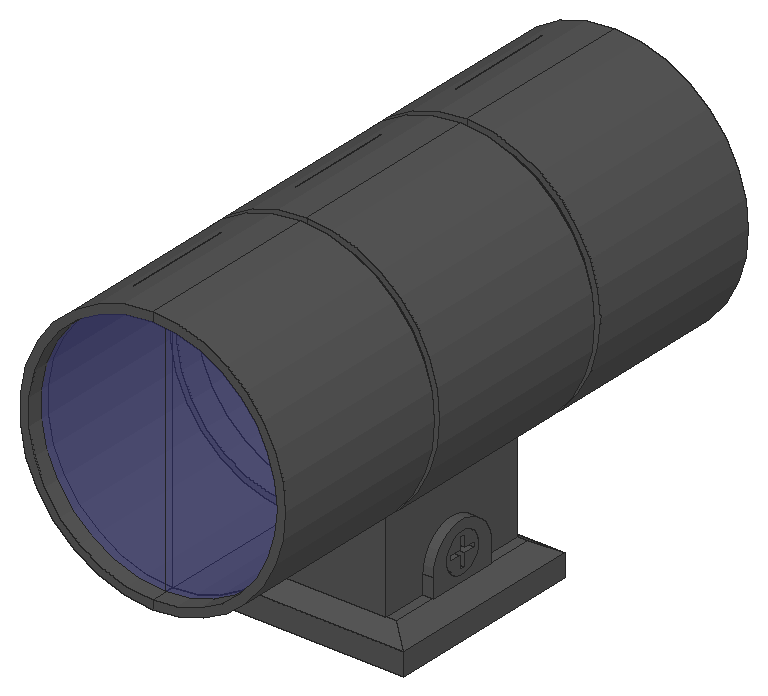
Revit family "CARLO CYLINDER LIGHT WALL MOUNT", category Lighting Fixtures, host Face, Revit 2020 (continued)
Types (10): name | Wattage_Input | Wattage Comments | Wattage | Photometric Web File | built-in parameter 1150142 | Model | built-in parameter 1150105 | Lumens | Light Length 1 | LIGHT RADIUS | LIGHT PLACEMENT | LIGHT LENGTH | LIGHT DIA | built-in parameter 1150106 | FIXED END HEIGHT | Curve base Height | Base Curve | BEAMING ANGLE | Apparent Load
    261 35.114 \r\n 42.552 50.266 58.29 66.561 75.067 83.884 92.681 101.36 109.29 115.41 \r\n 120.89 127.1 132.41 135.11 136.84 138.8 140.66 142.46 144.3 146.29 \r\n 148.38 150.56 152.86 155.28 157.9 160.8 164 167.5 171.42 175.81 \r\n 180.79 186.4 192.83 200.21 208.76 218.78 230.24 243.15 257.66 274.23 \r\n 292.01 310.26 329.13 348.59 368.48 388.76 409.19 429.31 449.81 471.69 \r\n 493.54 513.85 533.96 555.08 576.11 596.17 615.84 635.55 654.99 674.17 \r\n 692.59 709.51 725.62 741.33 756.81 772.66 787.93 801.76 814.53 826.41 \r\n 837.24 846.95 855.55 862.93 869.49 875.7 881.29 886.14 890.26 893.6 \r\n 896.17 \r\n892.81 893.6 890.44 886.41 881.62 876.18 870.06 863.28 855.73 847.34 \r\n 837.91 827.09 815.23 802.67 789.11 774.14 758.44 742.56 726.39 710.15 \r\n 693.31 675.33 656.52 636.82 616.73 596.87 576.78 556.03 535.13 514.62 \r\n 493.97 472.66 451.31 430.46 409.87 389.36 369.18 349.57 330.37 311.42 \r\n 293.04 275.23 258.77 244.83 232.31 220.21 209.42 200.73 193.38 186.88 \r\n 181.21 176.26 171.9 167.97 164.43 161.17 158.2 155.57 153.15 150.81 \r\n 148.6 146.51 144.54 142.74 140.96 139.08 137.12 135.39 132.84 128.1 \r\n 122.36 116.57 110.06 102.24 93.808 85.242 76.563 67.917 59.413 51.164 \r\n 43.3 35.974 29.235 23.052 17.826 14.013 11.416 10.26 9.729 8.9995 \r\n 8.3144 7.6211 6.9827 6.4536 6.0069 5.6558 5.3345 4.9579 4.5979 4.3104 \r\n 4.0593 3.8303 3.6144 3.3937 3.1808 2.977 2.7986 2.6722 2.568 2.4667 \r\n 2.3629 2.2379 2.1129 2.0088 1.908 1.7943 1.6841 1.5915 1.5076 1.4302 \r\n 1.3544 1.273 1.1906 1.1075 1.0297 0.96696 0.90741 0.83944 0.77199 0.71009 \r\n 0.65388 0.60662 0.56394 0.52242 0.48237 0.44422 0.40894 0.37882 0.35036 0.32012 \r\n 0.29025 0.26175 0.23465 0.20893 0.18582 0.16746 0.15116 0.13477 0.1188 0.1026 \r\n 0.087525 0.075265 0.064219 0.052762 0.042649 0.03583 0.030101 0.023406 0.017255 0.012928 \r\n 0.009072 0.0040245 0 0 0 0 0 0 0 0 \r\n 0 0 0 0 0 0 0 0 0 0 \r\n 0 0 0 0 0 0 0 0 0 0 \r\n 0 0 0 0 0 0 0 0 0.00016436 0.0081327 \r\n 0.017524 0.02326 0.029071 0.037785 0.047027 0.054584 0.06279 0.074345 0.085936 0.09323 \r\n 0.10198 0.11829 0.1368 0.15359 0.17047 0.18733 0.20608 0.22952 0.25488 0.27969 \r\n 0.30583 0.33485 0.36533 0.39792 0.43239 0.46844 0.50699 0.54907 0.59401 0.64124 \r\n 0.69145 0.74435 0.80223 0.86981 0.93952 1.0031 1.0674 1.1361 1.2102 1.2952 \r\n 1.381 1.4563 1.5309 1.6085 1.6966 1.812 1.9305 2.0252 2.121 2.2408 \r\n 2.3638 2.4725 2.5802 2.687 2.8146 2.9948 3.1979 3.4022 3.6158 3.8369 \r\n 4.0741 4.3257 4.621 5.0136 5.428 5.7811 6.1496 6.582 7.0794 7.6718 \r\n 8.3203 8.988 9.6998 10.212 11.293 13.672 17.229 22.211 28.248 35.133 \r\n 42.626 50.406 58.51 66.917 75.483 84.069 92.631 101.37 109.4 115.49 \r\n 120.96 127.29 132.74 135.44 137.14 139.09 140.95 142.8 144.68 146.66 \r\n 148.72 150.86 153.14 155.58 158.24 161.16 164.38 167.9 171.84 176.24 \r\n 181.23 186.94 193.49 200.99 209.62 219.55 230.96 244.12 258.89 275.44 \r\n 293.15 311.45 330.41 349.97 369.94 390.15 410.51 430.72 451.32 473.16 \r\n 494.93 515.18 535.22 556.23 577.19 597.24 616.91 636.5 655.8 674.92 \r\n 693.3 710.22 726.33 741.98 757.33 772.83 787.86 801.99 815.11 826.95 \r\n 837.63 847.11 855.54 863 869.64 875.64 880.98 885.72 889.76 893.03 \r\n 896.17 \r\n892.81 893.6 890.6 886.66 881.92 876.6 870.53 863.59 855.88 847.63 \r\n 838.39 827.6 815.78 803.39 790.05 775.33 759.74 743.55 727 710.64 \r\n 693.85 676.23 657.71 637.84 617.46 597.45 577.31 556.8 536.09 515.25 \r\n 494.34 473.45 452.52 431.42 410.47 389.91 369.81 350.43 331.44 312.45 \r\n 293.97 276.14 259.77 246.23 233.97 221.38 210 201.18 193.82 187.26 \r\n 181.55 176.61 172.27 168.33 164.77 161.45 158.44 155.79 153.36 151 \r\n 148.76 146.68 144.73 142.96 141.2 139.3 137.33 135.63 133.2 128.92 \r\n 123.57 117.58 110.81 103.12 94.899 86.53 77.971 69.222 60.537 52.113 \r\n 44.125 36.862 30.179 23.852 18.412 14.364 11.564 10.334 9.7811 9.0411 \r\n 8.3528 7.6408 6.9834 6.4449 5.9927 5.6361 5.3134 4.9452 4.5945 4.3076 \r\n 4.0556 3.8296 3.616 3.3928 3.1763 2.9707 2.7907 2.661 2.5549 2.4574 \r\n 2.3578 2.2325 2.1053 1.997 1.8935 1.7848 1.6793 1.5821 1.4924 1.4136 \r\n 1.3384 1.2605 1.1808 1.0945 1.0129 0.95033 0.89261 0.82819 0.76343 0.69924 \r\n 0.64048 0.59632 0.55472 0.51424 0.47477 0.43455 0.39715 0.36737 0.33978 0.30977 \r\n 0.27967 0.24979 0.22162 0.19704 0.17513 0.15593 0.13849 0.12169 0.10601 0.091717 \r\n 0.078286 0.065166 0.052671 0.040336 0.029951 0.024178 0.019938 0.014425 0.0094779 0.0063273 \r\n 0.0039859 0.0016497 0 0 0 0 0 0 0 0 \r\n 0 0 0 0 0 0 0 0 0 0 \r\n 0 0 0 0 0 0 0 0 0 0 \r\n 0 0 0 0 0 0 0 0 0.00015751 0.0084637 \r\n 0.018103 0.02343 0.028925 0.038268 0.048212 0.055644 0.063849 0.076738 0.089328 0.095425 \r\n 0.10256 0.11811 0.13637 0.15351 0.17125 0.18979 0.20977 0.23228 0.25621 0.28037 \r\n 0.30612 0.33482 0.36538 0.4004 0.43792 0.47654 0.51724 0.56068 0.60652 0.65448 \r\n 0.70504 0.75795 0.81503 0.87969 0.94694 1.012 1.0777 1.1435 1.2143 1.2989 \r\n 1.3849 1.4591 1.5331 1.6121 1.7016 1.8162 1.9331 2.0263 2.1204 2.2383 \r\n 2.36 2.4683 2.577 2.6877 2.8199 3.0037 3.2088 3.4111 3.6227 3.8458 \r\n 4.0865 4.3408 4.6421 5.0492 5.4824 5.8611 6.248 6.6731 7.1538 7.7297 \r\n 8.3633 9.0231 9.7299 10.234 11.316 13.715 17.297 22.287 28.337 35.258 \r\n 42.805 50.66 58.847 67.363 75.974 84.396 92.782 101.54 109.63 115.71 \r\n 121.17 127.58 133.08 135.78 137.47 139.41 141.29 143.17 145.08 147.05 \r\n 149.09 151.21 153.48 155.95 158.65 161.59 164.84 168.39 172.35 176.76 \r\n 181.8 187.6 194.27 201.88 210.61 220.56 232.01 245.38 260.34 276.87 \r\n 294.53 312.88 331.91 351.56 371.59 391.74 412.04 432.34 453.01 474.8 \r\n 496.48 516.68 536.66 557.59 578.46 598.5 618.15 637.62 656.79 675.84 \r\n 694.17 711.07 727.15 742.73 757.95 773.18 788.02 802.35 815.72 827.54 \r\n 838.09 847.37 855.63 863.15 869.84 875.64 880.76 885.41 889.41 892.6 \r\n 896.17 \r\n892.81 893.61 890.75 886.88 882.2 876.95 870.91 863.83 856 847.82 \r\n 838.7 827.94 816.17 803.92 790.74 776.22 760.71 744.28 727.46 710.99 \r\n 694.22 676.85 658.57 638.6 618.05 597.91 577.72 557.39 536.83 515.75 \r\n 494.63 474.06 453.46 432.2 411 390.41 370.37 351.17 332.35 313.33 \r\n 294.8 276.97 260.65 247.35 235.23 222.28 210.48 201.55 194.16 187.54 \r\n 181.79 176.85 172.52 168.58 165 161.65 158.61 155.95 153.51 151.13 \r\n 148.88 146.8 144.86 143.11 141.37 139.46 137.49 135.81 133.48 129.56 \r\n 124.51 118.45 111.55 103.98 95.955 87.75 79.29 70.474 61.662 53.113 \r\n 45.027 37.778 31.094 24.616 18.974 14.709 11.72 10.401 9.8077 9.0568 \r\n 8.3704 7.6446 6.9733 6.4276 5.9717 5.614 5.2945 4.9381 4.5994 4.3159 \r\n 4.0646 3.8401 3.6271 3.4023 3.1837 2.9774 2.7964 2.6634 2.5547 2.4592 \r\n 2.3619 2.2359 2.1067 1.9949 1.8891 1.7843 1.6821 1.5808 1.486 1.4059 \r\n 1.3312 1.2559 1.1783 1.0893 1.0047 0.9424 0.88617 0.82394 0.76086 0.69574 \r\n 0.63561 0.59146 0.5502 0.51026 0.47089 0.42904 0.39004 0.36046 0.33347 0.3036 \r\n 0.27336 0.24264 0.21382 0.19003 0.16889 0.14898 0.13063 0.11362 0.098215 0.085213 \r\n 0.072868 0.059175 0.045714 0.032802 0.022227 0.017078 0.013757 0.0090418 0.0048864 0.0023923 \r\n 0.00089504 0.00019806 0 0 0 0 0 0 0 0 \r\n 0 0 0 0 0 0 0 0 0 0 \r\n 0 0 0 0 0 0 0 0 0 0 \r\n 0 0 0 0 0 0 0 0 0.00014675 0.0084096 \r\n 0.017891 0.022695 0.027783 0.037431 0.047804 0.055214 0.0635 0.077261 0.090534 0.09606 \r\n 0.10233 0.11733 0.13531 0.15265 0.171 0.19095 0.21204 0.23397 0.2569 0.28054 \r\n 0.30597 0.33457 0.36536 0.40223 0.442 0.48234 0.52446 0.56886 0.61538 0.66387 \r\n 0.71477 0.76808 0.82496 0.88745 0.95283 1.0191 1.086 1.1507 1.2201 1.3045 \r\n 1.3907 1.4644 1.5384 1.6199 1.7117 1.8253 1.9406 2.0335 2.1277 2.2449 \r\n 2.3661 2.4743 2.5841 2.699 2.8359 3.0229 3.23 3.4317 3.643 3.8689 \r\n 4.1132 4.3694 4.673 5.0829 5.5213 5.9131 6.3095 6.7269 7.1945 7.7596 \r\n 8.3837 9.0369 9.7417 10.248 11.343 13.786 17.417 22.442 28.528 35.489 \r\n 43.088 51.026 59.3 67.897 76.541 84.864 93.137 101.87 109.98 116.07 \r\n 121.55 127.95 133.45 136.13 137.81 139.77 141.66 143.57 145.51 147.47 \r\n 149.49 151.6 153.87 156.37 159.11 162.1 165.37 168.95 172.94 177.39 \r\n 182.48 188.37 195.14 202.87 211.72 221.81 233.4 246.92 262 278.53 \r\n 296.17 314.55 333.64 353.35 373.43 393.53 413.8 434.16 454.88 476.6 \r\n 498.19 518.36 538.31 559.15 579.93 599.95 619.56 638.91 657.96 676.93 \r\n 695.2 712.06 728.09 743.58 758.68 773.7 788.4 802.86 816.38 828.17 \r\n 838.61 847.71 855.82 863.36 870.07 875.71 880.63 885.23 889.19 892.3 \r\n 896.17 \r\n892.81 893.62 890.87 887.07 882.44 877.23 871.19 864.02 856.1 847.92 \r\n 838.82 828.11 816.4 804.27 791.2 776.8 761.36 744.77 727.75 711.18 \r\n 694.4 677.19 659.09 639.11 618.49 598.25 578 557.81 537.37 516.12 \r\n 494.86 474.5 454.12 432.78 411.45 390.86 370.87 351.79 333.09 314.07 \r\n 295.51 277.7 261.42 248.2 236.08 222.92 210.87 201.84 194.4 187.72 \r\n 181.94 177 172.67 168.73 165.14 161.77 158.71 156.04 153.6 151.2 \r\n 148.94 146.86 144.94 143.19 141.47 139.56 137.6 135.94 133.7 130.01 \r\n 125.2 119.16 112.27 104.84 96.976 88.9 80.52 71.674 62.788 54.165 \r\n 46.005 38.723 31.979 25.344 19.51 15.048 11.885 10.46 9.8088 9.0465 \r\n 8.3669 7.6327 6.9526 6.4015 5.944 5.5895 5.2779 4.9365 4.6127 4.3355 \r\n 4.0865 3.862 3.6476 3.4221 3.2031 2.9971 2.8158 2.6794 2.5674 2.472 \r\n 2.3754 2.2481 2.117 2.0023 1.8947 1.7926 1.6927 1.5877 1.4884 1.4071 \r\n 1.3327 1.2593 1.1831 1.092 1.005 0.94318 0.88808 0.82694 0.76427 0.69723 \r\n 0.63507 0.59107 0.55038 0.51046 0.47073 0.4277 0.3876 0.35807 0.33142 0.30161 \r\n 0.27132 0.24029 0.21125 0.1879 0.16711 0.14661 0.1276 0.11056 0.09543 0.083086 \r\n 0.071272 0.057292 0.043348 0.030163 0.019478 0.014532 0.011559 0.0072428 0.003481 0.0012356 \r\n 0 0 0 0 0 0 0 0 0 0 \r\n 0 0 0 0 0 0 0 0 0 0 \r\n 0 0 0 0 0 0 0 0 0 0 \r\n 0 0 0 0 0 0 0 0 0.00013208 0.0079705 \r\n 0.016887 0.021053 0.025645 0.035275 0.045802 0.053295 0.061744 0.075912 0.089554 0.095134 \r\n 0.10128 0.11593 0.13362 0.15099 0.16972 0.1908 0.21288 0.23459 0.25696 0.2802 \r\n 0.30539 0.33409 0.36527 0.40343 0.44461 0.48584 0.52864 0.57362 0.62059 0.6694 \r\n 0.72064 0.77474 0.832 0.89309 0.95717 1.0242 1.0925 1.1577 1.2274 1.3122 \r\n 1.3986 1.472 1.5466 1.6319 1.7269 1.8392 1.9527 2.0469 2.1428 2.2605 \r\n 2.382 2.4905 2.6017 2.721 2.8627 3.0524 3.2614 3.4641 3.6766 3.9063 \r\n 4.1541 4.4117 4.7135 5.1147 5.5447 5.9371 6.3341 6.7435 7.2017 7.7613 \r\n 8.3817 9.0297 9.7351 10.251 11.375 13.883 17.59 22.678 28.82 35.825 \r\n 43.475 51.506 59.87 68.52 77.184 85.474 93.693 102.37 110.44 116.57 \r\n 122.08 128.41 133.84 136.5 138.18 140.15 142.07 144.01 145.96 147.9 \r\n 149.92 152.04 154.33 156.86 159.64 162.67 165.98 169.6 173.63 178.13 \r\n 183.28 189.26 196.13 203.96 212.96 223.29 235.11 248.74 263.87 280.41 \r\n 298.06 316.47 335.59 355.35 375.46 395.53 415.77 436.18 456.94 478.57 \r\n 500.06 520.21 540.15 560.92 581.61 601.58 621.14 640.38 659.31 678.19 \r\n 696.39 713.2 729.16 744.53 759.5 774.39 789 803.5 817.09 828.84 \r\n 839.2 848.15 856.11 863.64 870.33 875.83 880.61 885.16 889.1 892.14 \r\n 896.17 \r\n892.81 893.62 890.92 887.2 882.61 877.37 871.28 864.07 856.1 847.78 \r\n 838.58 827.93 816.33 804.25 791.21 776.84 761.4 744.77 727.69 711.01 \r\n 694.15 676.98 658.95 639.1 618.58 598.26 577.92 557.78 537.4 516.11 \r\n 494.8 474.48 454.17 432.88 411.61 391.03 371.07 352.04 333.39 314.42 \r\n 295.9 278.13 261.83 248.4 236.1 222.97 210.99 201.88 194.35 187.65 \r\n 181.87 176.91 172.58 168.64 165.06 161.71 158.67 156 153.54 151.14 \r\n 148.88 146.8 144.88 143.14 141.42 139.51 137.56 135.95 133.76 130.11 \r\n 125.37 119.54 112.88 105.61 97.852 89.858 81.528 72.702 63.817 55.202 \r\n 47.013 39.615 32.713 25.895 19.876 15.262 11.974 10.45 9.7358 8.969 \r\n 8.3053 7.5718 6.8919 6.3418 5.8895 5.5503 5.2591 4.9425 4.6411 4.3759 \r\n 4.1321 3.9042 3.6849 3.4602 3.2436 3.0404 2.8603 2.7204 2.6037 2.5054 \r\n 2.4063 2.2763 2.143 2.0268 1.9184 1.8172 1.7175 1.6088 1.5057 1.4238 \r\n 1.3498 1.2767 1.2006 1.1081 1.02 0.95904 0.90483 0.84259 0.77812 0.70902 \r\n 0.64526 0.60015 0.56127 0.5199 0.47837 0.43411 0.39314 0.36322 0.33645 0.30656 \r\n 0.27634 0.24591 0.21743 0.19397 0.17286 0.15199 0.13275 0.11603 0.10121 0.088518 \r\n 0.076328 0.062488 0.048829 0.035959 0.025389 0.019907 0.016298 0.011847 0.007842 0.0046124 \r\n 0.0023254 0.0016106 0.0014108 0.00065627 0.000014 0 0 0 0 0 \r\n 0 0 0 0 0 0 0 0 0 0 \r\n 0 0 0 0 0 0 0 0 0 0 \r\n 0 0 0 0 0 0 0 0 0 0.0066003 \r\n 0.014063 0.017188 0.020962 0.029983 0.040215 0.048002 0.056796 0.070611 0.0841 0.090788 \r\n 0.098067 0.11272 0.1301 0.14719 0.16589 0.18778 0.21078 0.2329 0.25539 0.27827 \r\n 0.30322 0.33248 0.36445 0.40315 0.44453 0.48513 0.52722 0.57212 0.61921 0.66794 \r\n 0.71945 0.77505 0.83367 0.89442 0.95806 1.0257 1.0955 1.1643 1.2375 1.3235 \r\n 1.4106 1.4846 1.5609 1.6523 1.7526 1.8631 1.9745 2.0725 2.1732 2.2936 \r\n 2.417 2.5269 2.6401 2.7644 2.911 3.1025 3.3129 3.5187 3.7351 3.9718 \r\n 4.2233 4.4765 4.764 5.1319 5.5259 5.8953 6.2762 6.6754 7.1296 7.6929 \r\n 8.3195 8.9666 9.6786 10.215 11.388 14.006 17.835 23.018 29.241 36.293 \r\n 43.997 52.143 60.607 69.26 77.917 86.289 94.562 103.12 111.07 117.29 \r\n 122.87 129.04 134.26 136.9 138.6 140.6 142.56 144.51 146.46 148.41 \r\n 150.42 152.57 154.91 157.48 160.3 163.38 166.75 170.41 174.49 179.06 \r\n 184.3 190.35 197.31 205.24 214.43 225.22 237.46 251.08 266.11 282.68 \r\n 300.37 318.8 337.94 357.71 377.83 397.9 418.13 438.59 459.37 480.87 \r\n 502.24 522.42 542.39 563.07 583.66 603.56 623.04 642.17 661 679.77 \r\n 697.87 714.58 730.44 745.66 760.49 775.37 789.98 804.39 817.87 829.6 \r\n 839.91 848.72 856.55 864.01 870.66 876.04 880.72 885.28 889.23 892.2 \r\n 896.17 \r\n892.81 893.61 890.93 887.26 882.71 877.39 871.2 864.01 856.02 847.45 \r\n 838.02 827.46 816.01 803.92 790.84 776.4 760.91 744.35 727.32 710.54 \r\n 693.55 676.28 658.25 638.65 618.36 597.99 577.55 557.39 537.02 515.79 \r\n 494.52 474.09 453.7 432.6 411.53 391 371.03 351.99 333.34 314.45 \r\n 296.01 278.32 261.97 248.09 235.4 222.54 210.9 201.74 194.09 187.38 \r\n 181.61 176.63 172.28 168.35 164.79 161.5 158.5 155.83 153.36 150.97 \r\n 148.71 146.64 144.72 142.97 141.25 139.35 137.41 135.85 133.7 129.91 \r\n 125.11 119.65 113.41 106.3 98.617 90.659 82.352 73.593 64.778 56.244 \r\n 48.065 40.48 33.333 26.31 20.115 15.388 12.013 10.389 9.6031 8.8366 \r\n 8.1967 7.472 6.7999 6.2557 5.8143 5.5002 5.2396 4.9555 4.6826 4.4344 \r\n 4.1981 3.9642 3.7366 3.5142 3.3025 3.104 2.9265 2.783 2.6605 2.5565 \r\n 2.452 2.3184 2.1828 2.0662 1.9579 1.8558 1.7545 1.6423 1.5361 1.454 \r\n 1.3804 1.3064 1.2292 1.1361 1.0477 0.98808 0.93448 0.8691 0.80107 0.73082 \r\n 0.66671 0.62173 0.58241 0.53815 0.49346 0.44775 0.40588 0.37508 0.34771 0.31761 \r\n 0.28758 0.25856 0.2313 0.20725 0.18523 0.16418 0.14506 0.12897 0.11449 0.10055 \r\n 0.087186 0.073872 0.061181 0.049128 0.038855 0.032194 0.027087 0.021981 0.017195 0.012191 \r\n 0.007985 0.0059382 0.0044876 0.0020507 0.000045 0 0 0 0 0 \r\n 0 0 0 0 0 0 0 0 0 0 \r\n 0 0 0 0 0 0 0 0 0 0 \r\n 0 0 0 0 0 0 0 0 0 0.004584 \r\n 0.0097271 0.011482 0.0142 0.022102 0.031639 0.039901 0.049191 0.061982 0.074859 0.08358 \r\n 0.093093 0.10805 0.1251 0.14165 0.15998 0.18237 0.20619 0.22926 0.25247 0.27508 \r\n 0.2998 0.32999 0.3631 0.40163 0.4421 0.48078 0.52097 0.56521 0.61211 0.66042 \r\n 0.71216 0.76987 0.83073 0.8921 0.95607 1.0239 1.0954 1.1705 1.2501 1.3381 \r\n 1.426 1.5013 1.5804 1.6799 1.7872 1.8955 2.0044 2.1084 2.2167 2.3415 \r\n 2.4683 2.5805 2.6963 2.8259 2.9775 3.17 3.3816 3.5923 3.8152 4.0611 \r\n 4.3164 4.5612 4.8244 5.1382 5.473 5.7991 6.1495 6.537 6.992 7.5671 \r\n 8.2084 8.858 9.5816 10.149 11.39 14.154 18.146 23.457 29.781 36.886 \r\n 44.644 52.922 61.498 70.11 78.737 87.291 95.709 104.09 111.86 118.21 \r\n 123.9 129.8 134.73 137.32 139.06 141.11 143.12 145.08 147.02 148.96 \r\n 150.98 153.19 155.6 158.21 161.07 164.21 167.65 171.35 175.49 180.17 \r\n 185.51 191.62 198.66 206.68 216.09 227.54 240.34 253.87 268.67 285.29 \r\n 303.06 321.5 340.63 360.4 380.51 400.59 420.84 441.33 462.1 483.45 \r\n 504.68 524.91 544.96 565.56 586.03 605.84 625.23 644.26 662.97 681.62 \r\n 699.6 716.19 731.91 746.93 761.62 776.6 791.29 805.5 818.74 830.42 \r\n 840.72 849.43 857.12 864.48 871.03 876.32 880.95 885.57 889.55 892.46 \r\n 896.17 \r\n892.81 893.62 890.95 887.34 882.82 877.41 871.11 863.97 855.98 847.14 \r\n 837.46 826.98 815.66 803.55 790.41 775.89 760.35 743.91 726.98 710.12 \r\n 692.99 675.58 657.5 638.19 618.19 597.8 577.26 557.06 536.69 515.57 \r\n 494.37 473.78 453.27 432.38 411.58 391.11 371.14 352.05 333.37 314.57
